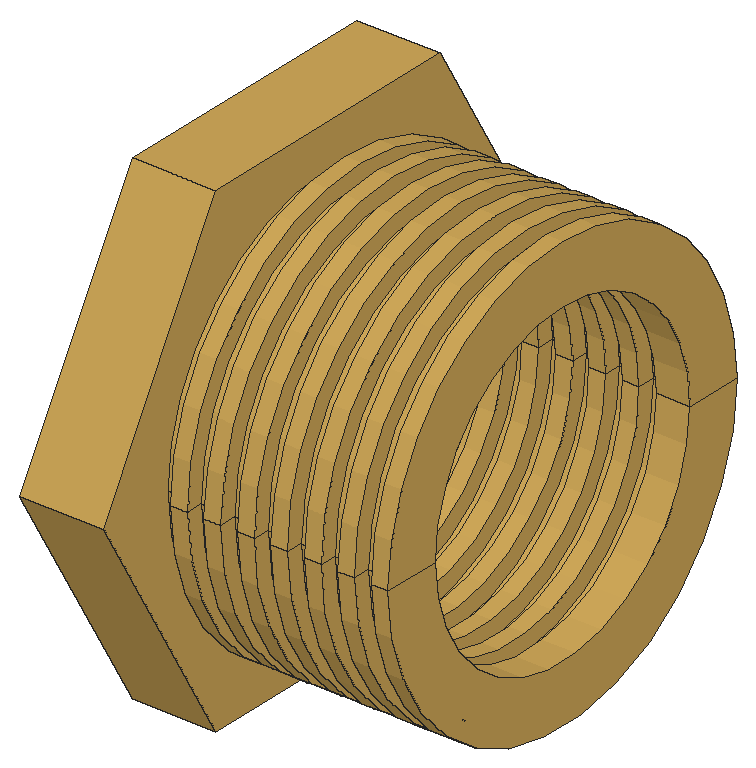
Revit family "Supply_System-Fittings-Golan_Plastic_Products-PEXGOL_IS-Bushing-00", category Pipe Accessories, Revit 2015
Parameters (values of type "3/4" x 1/2"")
  URL = "https://golanplastic.com/%D7%A4%D7%A7%D7%A1%D7%92%D7%95%D7%9C-is/"
  Thread_OR = Thread / 2  # 9.525 mm
  Thread2_OR [instance] = Thread2 / 2  # 6.350 mm
  Thread2 = 12.700 mm
  Thread = 19.050 mm
  TdR = "Supply_System-Fittings-Golan_Plastic_Products-PEXGOL_IS-Bushing-00"  # constant formula
  R2 = size_lookup(TdR, "D2", 0.000 mm, Thread, Thread2) / 2  # 10.500 mm
  R [instance] = size_lookup(TdR, "D", 0.000 mm, Thread, Thread2) / 2  # 13.000 mm
  Manufacturer = "Golan Plastic Product Ltd."  # constant formula
  Price [instance] = size_lookup(TdR, "PRICE", 0, Thread, Thread2)  # 7
  Part Number [instance] = size_lookup(TdR, "", "0", Thread, Thread2)  # "53320507"
  Maximum Temperature [instance] = 95 °C  # constant formula
  Maximum Pressure [instance] = 10 bar  # constant formula
  Material [instance] = "**"  # constant formula
  Israel Standard [instance] = "SI 5433"  # constant formula
  H [instance] = size_lookup(TdR, "H", 0.000 mm, Thread, Thread2)  # 29.000 mm
  Dimension [instance] = if(and(Thread = 19.050 mm, Thread2 = 12.700 mm), "1/2'' x 3/4''", if(and(Thread = 25.400 mm, Thread2 = 12.700 mm), "1'' x 1/2''", if(and(Thread = 25.400 mm, Thread2 = 19.050 mm), "1'' x 3/4''", "Not presnete in our catalog")))  # "1/2'' x 3/4''"
  RF2 = size_lookup(TdR, "DF2", 0.000 mm, Thread, Thread2) / 2  # 13.500 mm
Types (3, lengths in mm): name | Thread_OR | Thread2_OR | Thread2 | Thread | R2 | R | Price | Part Number | H | Dimension | RF2
  1" x 3/4" | 12.700 | 9.525 | 19.050 | 25.400 | 13.000 | 16.500 | 11.1 | "53320710" | 36.000 | "1'' x 3/4''" | 16.000
  3/4" x 1/2" | 9.525 | 6.350 | 12.700 | 19.050 | 10.500 | 13.000 | 7 | "53320507" | 29.000 | "1/2'' x 3/4''" | 13.500
  1" x 1/2" | 12.700 | 6.350 | 12.700 | 25.400 | 10.500 | 16.500 | 12.5 | "53320510" | 36.000 | "1'' x 1/2''" | 13.500
Reference planes
  plane 1 "Centro (Fronte/Retro)": y = 0
  plane 2: z = 0
  plane 3 "Centro (Sinistra/Destra)": x = 0
Forms (mm)
  Revolve 1, solid, material "Brass made in Finland"
    sketch origin (0, 0, 0) x (1, 0, 0) y (0, 1, 0)
      loop
        line (19, 9.525) -> (19, 13) -> (18, 13) -> (18, 12) -> (17, 12) -> (17, 13) -> (16, 13) -> (16, 12) -> (15, 12) -> (15, 13) -> (14, 13) -> (14, 12) -> (13, 12) -> (13, 13) -> (12, 13) -> (12, 12) -> (11, 12) -> (11, 13) -> (10, 13) -> (10, 12) -> (9, 12) -> (9, 13) -> (8, 13) -> (8, 12) -> (7, 12) -> (7, 13) -> (6, 13) -> (6, 12) -> (5, 12) -> (5, 13) -> (0, 13) -> (0, 10.5) -> (1, 10.5) -> (1, 9.5) -> (2, 9.5) -> (2, 10.5) -> (3, 10.5) -> (3, 9.5) -> (4, 9.5) -> (4, 10.5) -> (5, 10.5) -> (5, 9.5) -> (6, 9.5) -> (6, 10.5) -> (7, 10.5) -> (7, 9.5) -> (8, 9.5) -> (8, 10.5) -> (9, 10.5) -> (9, 9.5) -> (10, 9.5) -> (10, 10.5) -> (11, 10.5) -> (11, 9.5) -> (12, 9.5) -> (12, 10.5) -> (13, 10.5) -> (13, 9.5) -> (14, 9.5) -> (14, 10.5) -> (15, 10.5) -> (15, 9.5) -> (16, 9.5) -> (16, 10.525) -> (17, 10.525) -> (17, 9.525) -> (19, 9.525)
      axis (0, 0) -> (19, 0)
    angle from 0 to 360
  Sweep 2, solid, material "Brass made in Finland"
    path origin (25, 0, 0) x (1, 0, 0) y (0, 1, 0)
      loop
        line (-20, 0) -> (-25, 0)
    profile origin (2.5, 0, 0) x (0, -1, 0) y (0, 0, 1)
      loop
        line (-8.372, 14.5) -> (-16.743, 0) -> (-8.372, -14.5) -> (8.372, -14.5) -> (16.743, 0) -> (8.372, 14.5) -> (-8.372, 14.5)
      loop
        circle (0, 0) r 13
Cuts and joins
  joined: Revolve 1, Sweep 2
Dimensions and locks
  Revolve 1 sketch curve to Revolve 1 sketch curve to Revolve 1 sketch curve to Revolve 1 sketch curve to Revolve 1 sketch curve to Revolve 1 sketch curve to Revolve 1 sketch curve to Revolve 1 sketch curve to Revolve 1 sketch curve to Revolve 1 sketch curve to Revolve 1 sketch curve to Revolve 1 sketch curve to Revolve 1 sketch curve to Revolve 1 sketch curve to Revolve 1 sketch curve = 1.000 mm locked, 1.000 mm locked, 1.000 mm locked, 1.000 mm locked, 1.000 mm locked, 1.000 mm locked, 1.000 mm locked, 1.000 mm locked, 1.000 mm locked, 1.000 mm locked, 1.000 mm locked, 1.000 mm locked, 1.000 mm locked, 1.000 mm locked
  "R": plane 1 "Centro (Fronte/Retro)" to Revolve 1 sketch curve
  Revolve 1 sketch curve to Revolve 1 sketch curve to Revolve 1 sketch curve to Revolve 1 sketch curve to Revolve 1 sketch curve to Revolve 1 sketch curve to Revolve 1 sketch curve to Revolve 1 sketch curve to Revolve 1 sketch curve to Revolve 1 sketch curve to Revolve 1 sketch curve to Revolve 1 sketch curve to Revolve 1 sketch curve to Revolve 1 sketch curve = 1.000 mm locked, 1.000 mm locked, 1.000 mm locked, 1.000 mm locked, 1.000 mm locked, 1.000 mm locked, 1.000 mm locked, 1.000 mm locked, 1.000 mm locked, 1.000 mm locked, 1.000 mm locked, 1.000 mm locked, 1.000 mm locked
  "R2": plane 1 "Centro (Fronte/Retro)" to Revolve 1 sketch curve
  locked: Revolve 1 sketch curve to Revolve 1 sketch curve at 1
  Sweep 2 sketch curve to Sweep 2 sketch curve = 29.000 mm  (x2)
  "H": Sweep 2 sketch curve to Sweep 2 sketch curve  (x3)
  equal spacing: Sweep 2 sketch curve, plane 1 "Centro (Fronte/Retro)", Sweep 2 sketch curve
  equal spacing: Sweep 2 sketch curve, level, Sweep 2 sketch curve
  "Thread_OR": plane 1 "Centro (Fronte/Retro)" to Revolve 1 sketch curve
  "R": radius of Sweep 2 sketch curve
  angle Sweep 2 sketch curve to Sweep 2 sketch curve = 120.00°  (x6)
  aligned and locked: level to plane 2
  aligned and locked: Revolve 1 sketch curve to Revolve 1 sketch curve  (x21)
Automatic sketch dimensions
  plane 1 "Centro (Fronte/Retro)" to Sweep 2 sketch curve = 0.000 mm
  Sweep 2 sketch curve to plane 3 "Centro (Sinistra/Destra)" = 0.000 mm
  Sweep 2 sketch curve to Sweep 2 sketch curve = 5.000 mm
  Sweep 2 sketch curve to profile plane = 0.000 mm  (x3)
  plane 1 "Centro (Fronte/Retro)" to Revolve 1 sketch curve = 0.000 mm
  Revolve 1 sketch curve to plane 3 "Centro (Sinistra/Destra)" = 0.000 mm
  Revolve 1 sketch curve to Revolve 1 sketch curve = 1.000 mm  (x12)
  Revolve 1 sketch curve to Revolve 1 sketch curve = 0.000 mm
  Revolve 1 sketch curve to plane 3 "Centro (Sinistra/Destra)" = 30.000 mm
  Revolve 1 sketch curve to Revolve 1 sketch curve = 16.000 mm
Connectors
  piping at (19, 0, 0), diameter 19.05, driven by "Thread"
    settings: on cut or joined group of Revolve 1, Sweep 2, index 1, connector inside diameter 609.600 mm, connector length 0.000 mm, flow factor 0, pipe flow 0.0 L/s, pressure drop 0 bar, fitting loss kfactor 0, connector angle 0.00°, fixture units 0, engagement length 0.000 mm, angle of deflection 0.00°, flow configuration 0, flow direction 0, fitting loss method 0, system type 28, joint type 0, gender type 0, connector reference index 2, connector utility 0, adjustable connector no, is connector primary yes, connector description ""
  piping at (15, 0, 0), diameter 12.7, driven by "Thread2"
    settings: on cut or joined group of Revolve 1, Sweep 2, index 2, connector inside diameter 609.600 mm, connector length 0.000 mm, flow factor 0, pipe flow 0.0 L/s, pressure drop 0 bar, fitting loss kfactor 0, connector angle 0.00°, fixture units 0, engagement length 0.000 mm, angle of deflection 0.00°, flow configuration 0, flow direction 0, fitting loss method 0, system type 28, joint type 0, gender type 0, connector reference index 1, connector utility 0, adjustable connector no, is connector primary no, connector description ""
